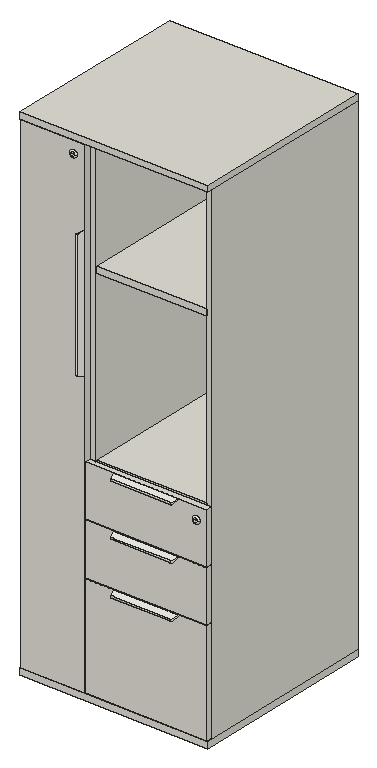
Revit family "Haworth_BeHold_PersonalStorageTower_FrontBookcase_24Wide", category Furniture Systems, Revit 2018
Family settings
  Round Connector Dimension = Use Diameter
  Part Type = Normal
  OmniClass Number = 23.40.70.14.64.21
  OmniClass Title = Systems Furniture
  Work Plane-Based = No
  Always vertical = Yes
  Cut with Voids When Loaded = No
  Shared = No
  Room Calculation Point = No
Parameters (values of type "B/B/F - 24d 65h - Inset Back")
  With Lock = yes
  Wing Pull Length = if(Drawer Width < 15 1/2", 6 1/2", if(Drawer Width < 24", 8 5/16", if(Drawer Width < 36", 13 1/8", 16 3/4")))  # 8 5/16"
  Wing Pull = yes
  Warranty = "http://www.haworth.com/resources/product-info/warranties"
  Valet Door Wing Pull Length = if(Actual Height < 49", 6 1/2", if(Actual Height < 57", 8 5/16", if(Actual Height < 65", 13 1/8", 16 3/4")))  # 16 3/4"
  Valet Door Width = Actual Width - Bookcase Width - 1/8"  # 8 15/64"
  Valet Door Pull Offset = if(Actual Height < 49", Storage Height - Bottom Drawer Offset + ((Actual Height - Storage Height - Top Thickness - 1/8") / 2) - (0.05 * (Actual Height - Storage Height - Top Thickness - 1/8")), Storage Height - Bottom Drawer Offset + ((Actual Height - Storage Height - Top Thickness - 1/8") / 2))  # 44 11/16"
  Valet Door Height = Actual Height - Bottom Drawer Offset - Case Thickness - 1/8"  # 62 3/4"
  URL - Product = "https://www.haworth.com/na/en/products/active-storage/be-hold.html"
  URL = "www.haworth.com"
  Trim Finish [instance] = Haworth _ Paint _ Smooth Plaster
  Total Drawer Height = Storage Height - Bottom Case Offset - Case Thickness - 1/4"  # 26 1/2"
  Top Thickness = 3/4"  # constant formula
  Top Drawer Height = if(Box Box File, Middle Drawer Height, Bottom Drawer Height)  # 6 9/16"
  Top Case Back Control = if(Proud Style, 0", 3/16")  # 3/16"
  Sustainability Info = "https://www.haworth.com/company-info/sustainability"
  Storage Height = 28"  # constant formula
  Standard Heights = "41, 49, 57, 65 in."  # constant formula
  Size = "Verify Final Dim. w/ Haworth"  # constant formula
  Side Case Back Control = if(Proud Style, Case Thickness, 0")  # 0"
  Shelf 2 Offset = if(Actual Height = 65", 49", if(Actual Height = 57", 41", 32 5/16"))  # 49"
  Shelf 2 Control = Actual Height > 41"  # yes
  Shelf 1 Offset = Storage Height - Bottom Case Offset - Case Thickness  # 26 3/4"
  Right Panel Finish [instance] = Haworth _ Laminate _ Beige H-34
  Right Panel Edge Finish [instance] = Haworth _ Laminate _ Beige H-34
  Revision Number = "1"  # constant formula
  Pull Finish [instance] = Haworth _ Paint _ Smooth Plaster
  Proud Style = not(Inset Style)  # no
  Model = "Haworth Be_Hold"  # constant formula
  Min. Width = 15"  # constant formula
  Min. Height = 41"  # constant formula
  Min. Depth = 18"  # constant formula
  Middle Drawer Height = (Total Drawer Height - Distance Between Drawer) / 4  # 6 9/16"
  Left Panel Finish [instance] = Haworth _ Laminate _ Beige H-34
  Left Panel Edge Finish [instance] = Haworth _ Laminate _ Beige H-34
  Height = 65"
  File File = no
  Door Finish [instance] = Haworth _ Laminate _ Beige H-34
  Bottom Drawer Offset = Bottom Case Offset + Case Thickness + 1/8"  # 1 3/8"
  Bottom Drawer Height = (Total Drawer Height - Distance Between Drawer) / 2  # 13 1/8"
  Bookcase Width = 15 41/64"  # constant formula
  Back Case Back Control = if(Proud Style, 0", 3/16")  # 3/16"
  Actual Height = if(Height > Max. Height, Max. Height, if(Height < Min. Height, Min. Height, Height))  # 65"
  3 Drawer Control = Box Box File  # yes
  Max. Width = 15"  # constant formula
  Max. Depth = 24"  # constant formula
  Max. Height = 65"  # constant formula
  Manufacturer = "Haworth"  # constant formula
  Linear Pull Length = 7 1/2"  # constant formula
  Linear Pull = no
  Inset Style = yes
  Glide Finish = Haworth _ Polymer _ Slate
  Front Finish [instance] = Haworth _ Laminate _ Beige H-34
  Front Edge Finish [instance] = Haworth _ Laminate _ Beige H-34
  Drawer Width = Bookcase Width - 1/8"  # 15 33/64"
  Distance Between Drawer = if(Box Box File, 1/4", 1/8")  # 1/4"
  Description = "Haworth - Be_Hold - Personal Storage Tower - Front Bookcase"  # constant formula
  Depth = 24"
  Custom Size = not(and(or(Depth = 18", Depth = 24"), or(Height = 41", Height = 49", Height = 57", Height = 65")))  # no
  Cresent Pull = no
  Classic Pull Length = 7 1/2"  # constant formula
  Classic Pull = no
  Case Thickness = 3/4"  # constant formula
  Case Finish [instance] = Haworth _ Laminate _ Beige H-34
  Case Edge Finish [instance] = Haworth _ Laminate _ Beige H-34
  Box Box File = not(File File)  # yes
  Bottom Case Offset = 1/2"  # constant formula
  Blade Pull Length = Drawer Width - 1/16"  # 15 29/64"
  Blade Pull = not(or(Cresent Pull, Linear Pull, Classic Pull, Wing Pull))  # no
  Back Case Side Control = if(Proud Style, 0", Case Thickness)  # 3/4"
  Author = "Haworth (Alias)"  # constant formula
  Assembly Code = "E2020200"
  Actual Width = 24"  # constant formula
  Actual Depth = if(Depth > Max. Depth, Max. Depth, if(Depth < Min. Depth, Min. Depth, Depth))  # 24"
  Standard Depths = "18, 24 in."  # constant formula
Types (8): name | Valet Door Wing Pull Length | Valet Door Pull Offset | Valet Door Height | Top Drawer Height | Top Case Back Control | Side Case Back Control | Shelf 2 Offset | Shelf 2 Control | Proud Style | Middle Drawer Height | Height | File File | Bottom Drawer Height | Back Case Back Control | Actual Height | 3 Drawer Control | Inset Style | Distance Between Drawer | Depth | Box Box File | Back Case Side Control | Actual Depth
  B/B/F - 24d 65h - Inset Back | 16 3/4" | 44 11/16" | 62 3/4" | 6 9/16" | 3/16" | 0" | 49" | yes | no | 6 9/16" | 65" | no | 13 1/8" | 3/16" | 65" | yes | yes | 1/4" | 24" | yes | 3/4" | 24"
  B/B/F - 24d 57h - Inset Back | 13 1/8" | 40 11/16" | 54 3/4" | 6 9/16" | 3/16" | 0" | 41" | yes | no | 6 9/16" | 57" | no | 13 1/8" | 3/16" | 57" | yes | yes | 1/4" | 24" | yes | 3/4" | 24"
  B/B/F - 18d 49h - Inset Back | 8 5/16" | 36 11/16" | 46 3/4" | 6 9/16" | 3/16" | 0" | 32 5/16" | yes | no | 6 9/16" | 49" | no | 13 1/8" | 3/16" | 49" | yes | yes | 1/4" | 18" | yes | 3/4" | 18"
  B/B/F - 18d 41h - Inset Back | 6 1/2" | 32.08125" | 38 3/4" | 6 9/16" | 3/16" | 0" | 32 5/16" | no | no | 6 9/16" | 41" | no | 13 1/8" | 3/16" | 41" | yes | yes | 1/4" | 18" | yes | 3/4" | 18"
  F/F - 24d 65h - Proud Back | 16 3/4" | 44 11/16" | 62 3/4" | 13 3/16" | 0" | 3/4" | 49" | yes | yes | 6 19/32" | 65" | yes | 13 3/16" | 0" | 65" | no | no | 1/8" | 24" | no | 0" | 24"
  F/F - 24d 57h - Proud Back | 13 1/8" | 40 11/16" | 54 3/4" | 13 3/16" | 0" | 3/4" | 41" | yes | yes | 6 19/32" | 57" | yes | 13 3/16" | 0" | 57" | no | no | 1/8" | 24" | no | 0" | 24"
  F/F - 18d 49h - Proud Back | 8 5/16" | 36 11/16" | 46 3/4" | 13 3/16" | 0" | 3/4" | 32 5/16" | yes | yes | 6 19/32" | 49" | yes | 13 3/16" | 0" | 49" | no | no | 1/8" | 18" | no | 0" | 18"
  F/F - 18d 41h - Proud Back | 6 1/2" | 32.08125" | 38 3/4" | 13 3/16" | 0" | 3/4" | 32 5/16" | no | yes | 6 19/32" | 41" | yes | 13 3/16" | 0" | 41" | no | no | 1/8" | 18" | no | 0" | 18"
Reference planes (in)
  plane 1: z = 0
  plane 2 "Drawer Center L/R": x = -6.49587
  plane 3 "Center F/B": y = -14.5
  plane 4 "Top": z = 65
  plane 5 "Back": y = -2.5
  plane 6 "Front": y = -26.5
  plane 7 "Left Drawer": x = -14.31618
  plane 8 "Drawer Case Inside Left": x = -13.56618
  plane 9 "Case Inside Right": x = 0.57444
  plane 10 "Case Inside Back": y = -3.25
  plane 11 "Case Bottom": z = 0.5
  plane 12 "Case Inside Front": y = -25.75
  plane 13 "Inside Case Bottom": z = 1.25
  plane 14 "Inside Case Top": z = 64.25
  plane 15 "Top of Top Drawer": z = 27.875
  plane 16 "Bottom of Bottom Drawer": z = 1.375
  plane 17 "Right": x = 1.32444
  plane 18 "Top of Storage": z = 28
  plane 19 "Shelf 1 Top": z = 28
  plane 20 "Shelf 1 Bottom": z = 27.25
  plane 21 "Shelf 2 Top": z = 50.25
  plane 22 "Shelf 2 Bottom": z = 49.5
  plane 23 "Left": x = -22.67556
  plane 24 "Center L/R": x = -10.67556
  plane 25 "Case Inside Left": x = -21.92556
  plane 26 "Valet Center L/R": x = -18.49587
Forms (in)
  Sweep 1, solid, material "Haworth _ Polymer _ Slate" <- "Glide Finish"
    path origin (-21.92556, 0, 0) x (0, 1, 0) y (0, 0, 1)
      loop
        line (-25.75, 0.5) -> (-25.75, 0)
    profile origin (-21.92556, -25.75, 0.25) x (1, 0, 0) y (0, 1, 0)
      loop
        line (-0.64062, 2.00197) -> (-0.64062, 0.25)
        arc (-0.64062, 0.25) -> (-0.5674, 0.07322) -> (-0.39062, 0) r 0.25
        line (-0.39062, 0) -> (1.36134, 0)
        arc (1.36134, 0) -> (1.53812, 0.07322) -> (1.61134, 0.25) r 0.25
        line (1.61134, 0.25) -> (1.61134, 0.70079) -> (0.06017, 2.25197) -> (-0.39062, 2.25197)
        arc (-0.39062, 2.25197) -> (-0.5674, 2.17875) -> (-0.64062, 2.00197) r 0.25
  Sweep 2, solid, material "Haworth _ Polymer _ Slate" <- "Glide Finish"
    path origin (-21.92556, 0, 0) x (0, 1, 0) y (0, 0, 1)
      loop
        line (-3.25, 0.5) -> (-3.25, 0)
    profile origin (-21.92556, -3.25, 0.25) x (1, 0, 0) y (0, 1, 0)
      loop
        arc (-0.64063, -2.00197) -> (-0.5674, -2.17875) -> (-0.39063, -2.25197) r 0.25
        line (-0.39063, -2.25197) -> (0.06017, -2.25197) -> (1.61134, -0.70079) -> (1.61134, -0.25)
        arc (1.61134, -0.25) -> (1.53812, -0.07322) -> (1.36134, 0) r 0.25
        line (1.36134, 0) -> (-0.39063, 0)
        arc (-0.39063, 0) -> (-0.5674, -0.07322) -> (-0.64063, -0.25) r 0.25
        line (-0.64063, -0.25) -> (-0.64063, -2.00197)
  Sweep 3, solid, material "Haworth _ Polymer _ Slate" <- "Glide Finish"
    path origin (0.57444, 0, 0) x (0, -1, 0) y (0, 0, 1)
      loop
        line (25.75, 0.5) -> (25.75, 0)
    profile origin (0.57444, -25.75, 0.25) x (-1, 0, 0) y (0, -1, 0)
      loop
        arc (0, -2.00197) -> (0.07322, -2.17875) -> (0.25, -2.25197) r 0.25
        line (0.25, -2.25197) -> (0.70079, -2.25197) -> (2.25197, -0.70079) -> (2.25197, -0.25)
        arc (2.25197, -0.25) -> (2.17875, -0.07322) -> (2.00197, 0) r 0.25
        line (2.00197, 0) -> (0.25, 0)
        arc (0.25, 0) -> (0.07322, -0.07322) -> (0, -0.25) r 0.25
        line (0, -0.25) -> (0, -2.00197)
  Sweep 4, solid, material "Haworth _ Polymer _ Slate" <- "Glide Finish"
    path origin (0.57444, 0, 0) x (0, -1, 0) y (0, 0, 1)
      loop
        line (3.25, 0.5) -> (3.25, 0)
    profile origin (0.57444, -3.25, 0.25) x (-1, 0, 0) y (0, -1, 0)
      loop
        line (0, 2.00197) -> (0, 0.25)
        arc (0, 0.25) -> (0.07322, 0.07322) -> (0.25, 0) r 0.25
        line (0.25, 0) -> (2.00197, 0)
        arc (2.00197, 0) -> (2.17875, 0.07322) -> (2.25197, 0.25) r 0.25
        line (2.25197, 0.25) -> (2.25197, 0.70079) -> (0.70079, 2.25197) -> (0.25, 2.25197)
        arc (0.25, 2.25197) -> (0.07322, 2.17875) -> (0, 2.00197) r 0.25
  Extrusion 5, solid, material "Haworth _ Laminate _ Beige H-34" <- "Case Finish"
    sketch origin (0, 0, 0) x (1, 0, 0) y (0, 1, 0)
      loop
        line (-22.67556, -2.5) -> (-22.67556, -26.5) -> (1.32444, -26.5) -> (1.32444, -2.5) -> (-22.67556, -2.5)
    from 0.5 to 1.25
  Sweep 6, solid, material "Haworth _ Laminate _ Beige H-34" <- "Case Finish"
    path origin (0, 0, 0.5) x (0, -1, 0) y (1, 0, 0)
      loop
        line (26.5, -14.31618) -> (26.5, -13.56618)
    profile origin (-13.94118, -26.5, 0.5) x (0, 1, 0) y (0, 0, 1)
      loop
        line (0.75, 63.75) -> (0.75, 0.75) -> (23.0625, 0.75) -> (23.0625, 63.75) -> (0.75, 63.75)
  Sweep 7, solid, material "Haworth _ Laminate _ Beige H-34" <- "Right Panel Finish"
    path origin (-12.35111, 0, 0.5) x (0, -1, 0) y (-1, 0, 0)
      loop
        line (26.5, -13.67556) -> (26.5, -12.92556)
    profile origin (0.94944, -26.5, 0.5) x (0, -1, 0) y (0, 0, 1)
      loop
        line (-0.75, 63.75) -> (-24, 63.75) -> (-24, 0.75) -> (-0.75, 0.75) -> (-0.75, 63.75)
  Sweep 8, solid, material "Haworth _ Laminate _ Beige H-34" <- "Case Finish"
    path origin (0, 0, 0.5) x (0, -1, 0) y (1, 0, 0)
      loop
        line (3.4375, -10.67556) -> (2.6875, -10.67556)
    profile origin (-10.67556, -3.0625, 0.5) x (-1, 0, 0) y (0, 0, 1)
      loop
        line (-11.25, 0.75) -> (11.25, 0.75) -> (11.25, 63.75) -> (-11.25, 63.75) -> (-11.25, 0.75)
  Extrusion 9, solid, material "Haworth _ Laminate _ Beige H-34" <- "Case Finish"
    sketch origin (0, 0, 0.5) x (0, -1, 0) y (1, 0, 0)
      loop
        line (2.5, -22.67556) -> (26.5, -22.67556) -> (26.5, 1.32444) -> (2.5, 1.32444) -> (2.5, -22.67556)
    from 63.75 to 64.5
  Extrusion 10, solid, material "Haworth _ Laminate _ Beige H-34" <- "Case Finish"
    sketch origin (0, 0, 0) x (1, 0, 0) y (0, 1, 0)
      loop
        line (-13.56618, -3.4375) -> (-13.56618, -25.75) -> (0.57444, -25.75) -> (0.57444, -3.4375) -> (-13.56618, -3.4375)
    from 27.25 to 28
  Extrusion 11, solid, material "Haworth _ Laminate _ Beige H-34" <- "Case Finish", visible <- "Shelf 2 Control"
    sketch origin (0, 0, 0) x (1, 0, 0) y (0, 1, 0)
      loop
        line (-13.56618, -3.4375) -> (-13.56618, -25.75) -> (0.57444, -25.75) -> (0.57444, -3.4375) -> (-13.56618, -3.4375)
    from 49.5 to 50.25
  Sweep 12, solid, material "Haworth _ Laminate _ Beige H-34" <- "Left Panel Finish"
    path origin (-9, 0, 0.5) x (0, -1, 0) y (1, 0, 0)
      loop
        line (26.5, -13.67556) -> (26.5, -12.92556)
    profile origin (-22.30056, -26.5, 0.5) x (0, 1, 0) y (0, 0, 1)
      loop
        line (0.75, 63.75) -> (0.75, 0.75) -> (24, 0.75) -> (24, 63.75) -> (0.75, 63.75)
Lines and regions (in)
  Masking region 1
    outline origin (0, 0, 64.25) x (0, -1, 0) y (1, 0, 0)
      loop
        line (2.5, -22.67556) -> (26.5, -22.67556) -> (26.5, 1.32444) -> (2.5, 1.32444) -> (2.5, -22.67556)
  symbolic lines, style "FurnitureSystemsHiddenLines", detail levels medium+fine
    curve 1: line (-22.67556, -25.75, 64.25) -> (1.32444, -25.75, 64.25)
  symbolic lines, detail levels medium+fine
    curve 2: line (-6.49587, -27.5, 0) -> (-6.49587, -35, 0)
    curve 3: line (-6.49587, -35, 0) -> (-5.08166, -33.58579, 0)
    curve 4: line (-6.49587, -35, 0) -> (-7.91008, -33.58579, 0)
Dimensions and locks (in)
  equal spacing: plane 5 "Back", plane 3 "Center F/B", plane 6 "Front"
  "Actual Depth": plane 5 "Back" to plane 6 "Front"
  "Case Thickness": plane 8 "Drawer Case Inside Left" to plane 7 "Left Drawer"
  "Bottom Case Offset": plane 11 "Case Bottom" to plane 1
  "Case Thickness": plane 10 "Case Inside Back" to plane 5 "Back"
  "Case Thickness": plane 6 "Front" to plane 12 "Case Inside Front"
  locked: Sweep 1 sketch curve to plane 11 "Case Bottom" at 0.5
  locked: Sweep 2 sketch curve to plane 11 "Case Bottom" at 0.5
  locked: Sweep 4 sketch curve to plane 11 "Case Bottom" at 0.5
  locked: Sweep 3 sketch curve to plane 11 "Case Bottom" at 0.5
  "Case Thickness": plane 13 "Inside Case Bottom" to plane 11 "Case Bottom"
  "Top Thickness": plane 4 "Top" to plane 14 "Inside Case Top"
  "Side Case Back Control": Sweep 7 sketch curve to plane 5 "Back"
  locked: plane 16 "Bottom of Bottom Drawer" to plane 13 "Inside Case Bottom" at 0.125
  locked: nested 2 to nested 1 at 0.125
  "Case Thickness": Sweep 8 sketch curve to Sweep 8 sketch curve
  "Back Case Back Control": plane 5 "Back" to Sweep 8 sketch curve
  equal spacing: plane 7 "Left Drawer", plane 2 "Drawer Center L/R", plane 17 "Right"
  "Case Thickness": plane 9 "Case Inside Right" to plane 17 "Right"
  locked: plane 18 "Top of Storage" to plane 15 "Top of Top Drawer" at 0.125
  "Storage Height": plane 18 "Top of Storage" to plane 1
  "Actual Height": plane 4 "Top" to plane 1
  "Back Case Side Control": Sweep 8 sketch curve to plane 17 "Right"
  "Case Thickness": plane 22 "Shelf 2 Bottom" to plane 21 "Shelf 2 Top"
  "Case Thickness": plane 20 "Shelf 1 Bottom" to plane 19 "Shelf 1 Top"
  "Shelf 2 Offset": plane 21 "Shelf 2 Top" to plane 13 "Inside Case Bottom"
  "Shelf 1 Offset": plane 19 "Shelf 1 Top" to plane 13 "Inside Case Bottom"
  "Top Case Back Control": Extrusion 10 sketch curve to plane 10 "Case Inside Back"
  "Top Case Back Control": Extrusion 11 sketch curve to plane 10 "Case Inside Back"
  equal spacing: plane 23 "Left", plane 24 "Center L/R", plane 17 "Right"
  "Case Thickness": plane 25 "Case Inside Left" to plane 23 "Left"
  "Side Case Back Control": Sweep 12 sketch curve to plane 5 "Back"
  "Back Case Back Control": Sweep 6 sketch curve to plane 10 "Case Inside Back"
  "Back Case Side Control": Sweep 8 sketch curve to plane 23 "Left"
  "Bookcase Width": plane 7 "Left Drawer" to plane 17 "Right"
  "Actual Width": plane 23 "Left" to plane 17 "Right"
  equal spacing: plane 23 "Left", plane 26 "Valet Center L/R", plane 7 "Left Drawer"
  aligned and locked: Sweep 1 sketch curve to plane 12 "Case Inside Front"
  aligned and locked: plane 11 "Case Bottom" to Sweep 1 sketch curve
  aligned and locked: plane 10 "Case Inside Back" to Sweep 2 sketch curve
  aligned and locked: plane 11 "Case Bottom" to Sweep 2 sketch curve
  aligned and locked: plane 10 "Case Inside Back" to Sweep 4 sketch curve
  aligned and locked: plane 11 "Case Bottom" to Sweep 4 sketch curve
  aligned and locked: Sweep 3 sketch curve to plane 12 "Case Inside Front"
  aligned and locked: plane 11 "Case Bottom" to Sweep 3 sketch curve
  aligned and locked: Extrusion 5 sketch curve to plane 5 "Back"
  aligned and locked: plane 6 "Front" to Extrusion 5 sketch curve
  aligned and locked: plane 11 "Case Bottom" to Extrusion 5
  aligned and locked: plane 13 "Inside Case Bottom" to Extrusion 5
  aligned and locked: plane 7 "Left Drawer" to Sweep 6 sketch curve
  aligned and locked: plane 8 "Drawer Case Inside Left" to Sweep 6 sketch curve
  aligned and locked: Sweep 6 sketch curve to plane 6 "Front"
  aligned and locked: plane 13 "Inside Case Bottom" to Sweep 6 sketch curve
  aligned and locked: plane 6 "Front" to Sweep 7 sketch curve
  aligned and locked: plane 9 "Case Inside Right" to Sweep 7 sketch curve
  aligned and locked: plane 13 "Inside Case Bottom" to Sweep 7 sketch curve
  aligned and locked: Sweep 8 sketch curve to plane 13 "Inside Case Bottom"
  aligned and locked: plane 4 "Top" to Extrusion 9
  aligned and locked: plane 14 "Inside Case Top" to Extrusion 9
  aligned and locked: Masking region 1 sketch curve to plane 5 "Back"
  aligned and locked: plane 6 "Front" to Masking region 1 sketch curve
  aligned and locked: curve 1 to plane 12 "Case Inside Front"
  aligned and locked: plane 12 "Case Inside Front" to Sweep 7 sketch curve
  aligned and locked: plane 12 "Case Inside Front" to Sweep 6 sketch curve
  aligned and locked: nested 3 to plane 15 "Top of Top Drawer"
  aligned and locked: plane 6 "Front" to nested 1
  aligned and locked: plane 6 "Front" to nested 2
  aligned and locked: plane 6 "Front" to nested 3
  aligned and locked: plane 2 "Drawer Center L/R" to nested 3
  aligned and locked: plane 2 "Drawer Center L/R" to nested 2
  aligned and locked: plane 2 "Drawer Center L/R" to nested 1
  aligned and locked: plane 17 "Right" to Sweep 7 sketch curve
  aligned and locked: plane 14 "Inside Case Top" to Sweep 7 sketch curve
  aligned and locked: plane 14 "Inside Case Top" to Sweep 6 sketch curve
  aligned and locked: plane 6 "Front" to Extrusion 9 sketch curve
  aligned and locked: plane 17 "Right" to Extrusion 9 sketch curve
  aligned and locked: Extrusion 9 sketch curve to plane 5 "Back"
  aligned and locked: plane 14 "Inside Case Top" to Sweep 8 sketch curve
  aligned and locked: plane 9 "Case Inside Right" to Extrusion 10 sketch curve
  aligned and locked: plane 12 "Case Inside Front" to Extrusion 10 sketch curve
  aligned and locked: plane 8 "Drawer Case Inside Left" to Extrusion 10 sketch curve
  aligned and locked: plane 20 "Shelf 1 Bottom" to Extrusion 10
  aligned and locked: plane 19 "Shelf 1 Top" to Extrusion 10
  aligned and locked: plane 9 "Case Inside Right" to Extrusion 11 sketch curve
  aligned and locked: plane 8 "Drawer Case Inside Left" to Extrusion 11 sketch curve
  aligned and locked: plane 12 "Case Inside Front" to Extrusion 11 sketch curve
  aligned and locked: plane 21 "Shelf 2 Top" to Extrusion 11
  aligned and locked: plane 22 "Shelf 2 Bottom" to Extrusion 11
  aligned and locked: plane 23 "Left" to Sweep 12 sketch curve
  aligned and locked: plane 25 "Case Inside Left" to Sweep 12 sketch curve
  aligned and locked: Sweep 12 sketch curve to plane 6 "Front"
  aligned and locked: plane 14 "Inside Case Top" to Sweep 12 sketch curve
  aligned and locked: plane 13 "Inside Case Bottom" to Sweep 12 sketch curve
  aligned and locked: plane 12 "Case Inside Front" to Sweep 12 sketch curve
  aligned and locked: plane 24 "Center L/R" to Sweep 8 sketch curve
  aligned and locked: Extrusion 9 sketch curve to plane 23 "Left"
  aligned and locked: plane 17 "Right" to Extrusion 5 sketch curve
  aligned and locked: Extrusion 5 sketch curve to plane 23 "Left"
  aligned and locked: nested 4 to plane 16 "Bottom of Bottom Drawer"
  aligned and locked: nested 4 to plane 6 "Front"
  aligned and locked: Masking region 1 sketch curve to plane 23 "Left"
  aligned and locked: plane 17 "Right" to Masking region 1 sketch curve
  aligned and locked: plane 26 "Valet Center L/R" to nested 4
Automatic sketch dimensions
  Sweep 1 sketch curve to plane 8 "Drawer Case Inside Left" = 9"
  profile plane to Sweep 1 sketch curve = 0"
  Sweep 1 sketch curve to Sweep 1 sketch curve = 1/4"  (x2)
  Sweep 1 sketch curve to Sweep 1 sketch curve = 0.45079"  (x2)
  Sweep 1 sketch curve to profile plane = 1/4"
  Sweep 1 sketch curve to Sweep 1 sketch curve = 1.75197"  (x2)
  Sweep 2 sketch curve to plane 8 "Drawer Case Inside Left" = 9"
  profile plane to Sweep 2 sketch curve = 0"
  Sweep 2 sketch curve to Sweep 2 sketch curve = 1/4"  (x2)
  Sweep 2 sketch curve to Sweep 2 sketch curve = 0.45079"  (x2)
  profile plane to Sweep 2 sketch curve = 1/4"
  Sweep 2 sketch curve to Sweep 2 sketch curve = 1.75197"  (x2)
  Sweep 3 sketch curve to plane 9 "Case Inside Right" = 0"
  Sweep 3 sketch curve to profile plane = 0"
  plane 9 "Case Inside Right" to Sweep 3 sketch curve = 1/4"  (x2)
  Sweep 3 sketch curve to Sweep 3 sketch curve = 0.45079"  (x2)
  profile plane to Sweep 3 sketch curve = 1/4"
  Sweep 3 sketch curve to Sweep 3 sketch curve = 1.75197"  (x2)
  Sweep 4 sketch curve to plane 9 "Case Inside Right" = 0"
  Sweep 4 sketch curve to profile plane = 0"
  plane 9 "Case Inside Right" to Sweep 4 sketch curve = 1/4"  (x2)
  Sweep 4 sketch curve to Sweep 4 sketch curve = 0.45079"  (x2)
  Sweep 4 sketch curve to profile plane = 1/4"
  Sweep 4 sketch curve to Sweep 4 sketch curve = 1.75197"  (x2)
  curve 1 to plane 23 "Left" = 0"
  curve 1 to plane 17 "Right" = 0"
  curve 2 to plane 2 "Drawer Center L/R" = 0"
  curve 4 to plane 2 "Drawer Center L/R" = 1.41421"
  curve 2 to curve 4 = 1.41421"
  curve 2 to curve 3 = 1.41421"
  curve 2 to plane 6 "Front" = 8 1/2"
  curve 2 to plane 6 "Front" = 1"
Nested families (in)
  nested 1: "Haworth_BeHold_Drawer_PART" at (-6.49587, -25.36287, 1.375), Drawer Height <- "Bottom Drawer Height", built-in parameter 1001364 <- "Bottom Drawer Offset", type "Haworth_Drawer - Without Lock"
    with Pull Height 13 1/8", Drawer Height 13 1/8", With Lock no, Wing Pull Length 8 5/16", Drawer Width 15 33/64", Classic Pull Length 7 1/2", Blade Pull Length 15 29/64", Linear Pull Length 7 1/2"
  nested 2: "Haworth_BeHold_Drawer_PART" at (-6.49587, -25.36287, 14.625), Drawer Height <- "Middle Drawer Height", visible <- "3 Drawer Control", type "Haworth_Drawer - Without Lock"
    with Pull Height 6 9/16", Drawer Height 6 9/16", With Lock no, Wing Pull Length 8 5/16", Drawer Width 15 33/64", Classic Pull Length 7 1/2", Blade Pull Length 15 29/64", Linear Pull Length 7 1/2"
  nested 3: "Haworth_BeHold_Drawer_PART" at (-6.49587, -25.36287, 21.3125), Drawer Height <- "Top Drawer Height", type "Haworth_Drawer"
    with Pull Height 6 9/16", Drawer Height 6 9/16", Wing Pull Length 8 5/16", Drawer Width 15 33/64", Classic Pull Length 7 1/2", Blade Pull Length 15 29/64", Linear Pull Length 7 1/2"
  nested 4: "Haworth_BeHold_Door_Hinged_PART" at (-17.31567, -26.09476, 1.375) x (-1, 0, 0) z (0, 0, 1), With Lock <- "With Lock", type "Door"
    with With Lock yes, Wing Pull Length 16 3/4", Linear Pull Length 7 1/2", Classic Pull Length 7 1/2", Pull Height Centerline 44 11/16", Door Width 8 15/64", Door Height 62 3/4"
Definition of nested family "Haworth_BeHold_Drawer_PART"
  Parameters (values of type "Haworth_Drawer")
    With Lock = yes
    Wing Pull Length = 6 1/2"
    Wing Pull = yes
    Warranty = "http://www.haworth.com/resources/product-info/warranties"
    URL - Product = ""
    URL = "www.haworth.com"
    Trim Finish = none
    Revision Number = "1"  # constant formula
    Pull Height [instance] = if(or(Wing Pull, Blade Pull), Drawer Height, Drawer Height - 1 21/32")  # 12"
    Pull Finish = none
    Note = "Verify Final Dim. w/ Haworth"  # constant formula
    Model = "Haworth Be_Hold"  # constant formula
    Manufacturer = "Haworth"  # constant formula
    Lock Offset Top = 1 21/32"  # constant formula
    Lock Offset Side = 1 3/8"  # constant formula
    Linear Pull = no
    Front Finish = none
    Front Edge Finish = none
    Drawer Width = 15 1/2"
    Drawer Height [instance] = 12"
    Description = "Haworth - Be_Hold - Drawer"
    Cresent Pull = no
    Classic Pull Length = 6 3/4"
    Classic Pull = no
    Blade Pull Length = 15 7/16"
    Blade Pull = no
    Linear Pull Length = 8"
    Author = "Haworth (Alias)"  # constant formula
    Assembly Code = ""
  Reference planes (in)
    plane 1 "Drawer Back": y = -0.26213
    plane 2: z = 0
    plane 3 "Center L/R": x = 0
    plane 4 "Drawer Front": y = -1.13713
    plane 5 "Left": x = -7.75
    plane 6 "Right": x = 7.75
    plane 7 "Top": z = 12
    plane 8 "Hardware Start": y = -0.38713
    plane 9 "Lock Side": x = 6.375
    plane 10 "Lock Horizontal": z = 10.34375
  Forms (in)
    Extrusion 1, solid, material <- "Front Finish"
      sketch origin (0, -1.13713, 0) x (-1, 0, 0) y (0, 0, 1)
        loop
          line (-7.75, 12) -> (-7.75, 0) -> (7.75, 0) -> (7.75, 12) -> (-7.75, 12)
      from 0 to 0.75
    Revolve 2, solid, material <- "Trim Finish", visible <- "With Lock"
      sketch origin (0, 0, 10.34375) x (-1, 0, 0) y (0, -1, 0)
        loop
          line (-6.375, 1.13713) -> (-6.375, 1.2621) -> (-6.68756, 1.2621)
          arc (-6.68756, 1.2621) -> (-6.77593, 1.2255) -> (-6.81253, 1.13713) r 0.12497
          line (-6.81253, 1.13713) -> (-6.375, 1.13713)
        axis (-6.375, 1.13713) -> (-6.375, 1.2621)
      angle from 0 to 360
  Lines and regions (in)
    Masking region 1
      outline origin (0, 0, 10.34375) x (-1, 0, 0) y (0, -1, 0)
        loop
          line (7.75, 0.38713) -> (7.75, 1.13713) -> (-7.75, 1.13713) -> (-7.75, 0.38713) -> (7.75, 0.38713)
  Dimensions and locks (in)
    equal spacing: plane 5 "Left", plane 3 "Center L/R", plane 6 "Right"
    "Drawer Width": plane 5 "Left" to plane 6 "Right"
    "Drawer Height": plane 7 "Top" to level
    locked: plane 1 "Drawer Back" to plane 8 "Hardware Start" at 0.125
    plane 4 "Drawer Front" to plane 1 "Drawer Back" = 7/8"
    plane 4 "Drawer Front" to plane 8 "Hardware Start" = 3/4"
    "Lock Offset Side": plane 9 "Lock Side" to plane 6 "Right"
    "Lock Offset Top": plane 7 "Top" to plane 10 "Lock Horizontal"
    locked: Revolve 2 sketch curve to plane 4 "Drawer Front" at 0.12497
    locked: plane 9 "Lock Side" to Revolve 2 sketch curve at 0.43753
    aligned and locked: Extrusion 1 sketch curve to plane 6 "Right"
    aligned and locked: plane 7 "Top" to Extrusion 1 sketch curve
    aligned and locked: Extrusion 1 sketch curve to plane 5 "Left"
    aligned and locked: Extrusion 1 sketch curve to plane 2
    aligned and locked: Extrusion 1 to plane 8 "Hardware Start"
    aligned and locked: Extrusion 1 to plane 4 "Drawer Front"
    aligned and locked: plane 9 "Lock Side" to Revolve 2 sketch curve  (x2)
    aligned and locked: Revolve 2 sketch curve to plane 4 "Drawer Front"
    aligned and locked: plane 3 "Center L/R" to nested 1
    aligned and locked: nested 1 to plane 4 "Drawer Front"
    aligned and locked: plane 6 "Right" to Masking region 1 sketch curve
    aligned and locked: plane 8 "Hardware Start" to Masking region 1 sketch curve
    aligned and locked: plane 4 "Drawer Front" to Masking region 1 sketch curve
    aligned and locked: plane 5 "Left" to Masking region 1 sketch curve
  Automatic sketch dimensions
    plane 8 "Hardware Start" to Revolve 2 sketch curve = 0.19925"
    Revolve 2 sketch curve to Revolve 2 sketch curve = 0.41501"
  Nested families (in)
    nested 1: "Haworth_Drawer-Pulls_PART" at (0, -1.13713, 12), built-in parameter 1001364 <- "Pull Height", type "Pull"
      with Wing yes, Linear no
  Definition of nested family "Haworth_Drawer-Pulls_PART"
    Parameters (values of type "Pull")
      Wing Pull Length = 6 1/2"
      Wing = no
      Warranty = "https://www.haworth.com/resources/product-info/warranties"
      URL = "https://www.haworth.com"
      Trim Finish = none
      Revision Number = "1"  # constant formula
      Model = "Haworth Be_Hold"  # constant formula
      Manufacturer = "Haworth"  # constant formula
      Linear Pull Length = 8"
      Linear = yes
      Description = "Haworth - Be_Hold - Pull Part"
      Cresent = no
      Classic Pull Length = 6 3/4"
      Classic = no
      Blade Pull Length = 15 7/16"
      Blade = no
      Author = "Haworth (Alias)"  # constant formula
      Assembly Code = ""
    Reference planes (in)
      plane 1 "Center Front/Back": y = 0
      plane 2: z = 0
      plane 3 "Center Left/Right": x = 0
      plane 4 "Classic Left": x = -3.375
      plane 5 "Classic Right": x = 3.375
      plane 6 "Linear Left": x = -4
      plane 7 "Linear Right": x = 4
      plane 8 "Wing Right": x = 3.25001
      plane 9 "Wing Left": x = -3.25001
      plane 10 "Blade Left": x = -7.71875
      plane 11 "Blade Right": x = 7.71875
    Forms (in)
      Extrusion 1, solid, material <- "Trim Finish", visible <- "Linear"
        sketch origin (0, 0, 0.125) x (1, 0, 0) y (0, 1, 0)
          loop
            line (-4, 0) -> (-4, -1.25) -> (4, -1.25) -> (4, 0) -> (3, 0) -> (3, -1) -> (-3, -1) -> (-3, 0) -> (-4, 0)
        from 0 to -0.25
      Extrusion 2, solid, material <- "Trim Finish", visible <- "Classic"
        sketch origin (0, 0, 0.375) x (1, 0, 0) y (0, 0, 1)
          loop
            line (-3.375, 0) -> (-3.375, -0.75)
            arc (-3.375, -0.75) -> (-3, -0.375) -> (-3.375, 0) r 0.375
        from 0 to 1
      Extrusion 3, solid, material <- "Trim Finish", visible <- "Classic"
        sketch origin (0, 0, 0.375) x (-1, 0, 0) y (0, 0, -1)
          loop
            arc (-3.375, 0.00132) -> (-3.00132, 0.375) -> (-3.375, 0.74868) r 0.37368
            line (-3.375, 0.74868) -> (-3.375, 0.00132)
        from 0 to 1
      Extrusion 4, solid, material <- "Trim Finish", visible <- "Classic"
        sketch origin (0, 0, 0.375) x (1, 0, 0) y (0, 0, 1)
          loop
            line (-3.375, 0) -> (-3.375, -0.75) -> (3.375, -0.75) -> (3.375, 0) -> (-3.375, 0)
        from 1 to 1.25
      Sweep 5, solid, material <- "Trim Finish", visible <- "Cresent"
        path origin (0, 0, 0) x (1, 0, 0) y (0, 1, 0)
          loop
            arc (-3.75002, 0) -> (-0.00002, -1.25) -> (3.74998, 0) r 6.25
        profile origin (-0.00002, -1.25, 0) x (0, 1, 0) y (0, 0, 1)
          loop
            circle (0.125, 0) r 0.125
      Sweep 6, solid, material <- "Trim Finish", visible <- "Wing"
        path origin (0, 0, 0) x (1, 0, 0) y (0, 1, 0)
          loop
            line (3.25001, 0) -> (-3.25001, 0)
        profile origin (0, 0, 0) x (0, -1, 0) y (0, 0, 1)
          loop
            line (0, -0.055) -> (0.7144, -0.45418)
            arc (0.7144, -0.45418) -> (0.85453, -0.40762) -> (0.79557, -0.27225) r 0.10001
            line (0.79557, -0.27225) -> (0, 0) -> (0, -0.055)
      Extrusion 7, void
        sketch origin (0, 0, 0) x (1, 0, 0) y (0, 1, 0)
          loop
            line (-3.25001, 0) -> (-3.25001, -0.92709) -> (-2.91255, -0.92709) -> (-3.25001, 0)
          loop
            line (3.25001, 0) -> (2.91255, -0.92709) -> (3.25001, -0.92709) -> (3.25001, 0)
        from -1 to 0.5
      Sweep 8, solid, material <- "Trim Finish", visible <- "Blade"
        path origin (0, 0, 0) x (1, 0, 0) y (0, 0, 1)
          loop
            line (0, 0) -> (0, 0.09375)
        profile origin (0, 0, 0.04687) x (-1, 0, 0) y (0, -1, 0)
          loop
            line (7.71875, -0.75) -> (7.71875, 0.40579)
            arc (7.71875, 0.40579) -> (7.682, 0.4945) -> (7.59329, 0.53125) r 0.12546
            line (7.59329, 0.53125) -> (-7.59361, 0.53125)
            arc (-7.59361, 0.53125) -> (-7.6821, 0.4946) -> (-7.71875, 0.40611) r 0.12514
            line (-7.71875, 0.40611) -> (-7.71875, -0.75) -> (7.71875, -0.75)
    Cuts and joins
      Extrusion 7 cuts Extrusion 4
      joined: Extrusion 2, Extrusion 3, Extrusion 4
      Extrusion 7 cuts Sweep 6
    Lines and regions (in)
      symbolic lines, detail levels fine
        curve 1: line (-4, 0, 0) -> (4, 0, 0)
    Dimensions and locks (in)
      equal spacing: plane 4 "Classic Left", plane 3 "Center Left/Right", plane 5 "Classic Right"
      "Classic Pull Length": plane 4 "Classic Left" to plane 5 "Classic Right"
      locked: Extrusion 1 sketch curve to Extrusion 1 sketch curve at 1  (x2)
      equal spacing: plane 6 "Linear Left", plane 3 "Center Left/Right", plane 7 "Linear Right"
      "Linear Pull Length": plane 6 "Linear Left" to plane 7 "Linear Right"
      locked: profile plane to Sweep 5 sketch curve at 0.125
      locked: plane 9 "Wing Left" to Extrusion 7 sketch curve at 0.33745
      locked: Extrusion 7 sketch curve to plane 1 "Center Front/Back" at 0.92709
      locked: plane 1 "Center Front/Back" to Extrusion 7 sketch curve at 0.92709
      Extrusion 7 sketch curve to plane 8 "Wing Right" = 0.33745"
      equal spacing: plane 11 "Blade Right", plane 3 "Center Left/Right", plane 10 "Blade Left"
      "Blade Pull Length": plane 11 "Blade Right" to plane 10 "Blade Left"
      locked: Sweep 8 sketch curve to plane 2 at 0.09375
      locked: Sweep 8 sketch curve to plane 1 "Center Front/Back" at 0.75
      locked: Sweep 8 sketch curve to plane 1 "Center Front/Back" at 0.53125
      equal spacing: plane 8 "Wing Right", plane 3 "Center Left/Right", plane 9 "Wing Left"
      "Wing Pull Length": plane 8 "Wing Right" to plane 9 "Wing Left"
      aligned and locked: plane 4 "Classic Left" to Extrusion 4 sketch curve
      aligned and locked: plane 5 "Classic Right" to Extrusion 4 sketch curve
      aligned and locked: plane 5 "Classic Right" to Extrusion 3 sketch curve
      aligned and locked: Extrusion 2 sketch curve to plane 4 "Classic Left"
      aligned and locked: Extrusion 1 sketch curve to plane 7 "Linear Right"
      aligned and locked: Extrusion 1 sketch curve to plane 6 "Linear Left"
      aligned and locked: plane 2 to Sweep 5 sketch curve
      aligned and locked: profile plane to plane 2
      aligned and locked: Sweep 6 sketch curve to plane 1 "Center Front/Back"
      aligned and locked: plane 8 "Wing Right" to Sweep 6 sketch curve
      aligned and locked: plane 9 "Wing Left" to Sweep 6 sketch curve
      aligned and locked: Extrusion 7 sketch curve to plane 9 "Wing Left"
      aligned and locked: Extrusion 7 sketch curve to plane 8 "Wing Right"
      aligned and locked: plane 2 to Sweep 8 sketch curve
      aligned and locked: Sweep 8 sketch curve to plane 10 "Blade Left"
      aligned and locked: Sweep 8 sketch curve to plane 11 "Blade Right"
      aligned and locked: plane 1 "Center Front/Back" to curve 1
      aligned and locked: plane 7 "Linear Right" to curve 1
      aligned and locked: plane 6 "Linear Left" to curve 1
    Automatic sketch dimensions
      Extrusion 2 sketch curve to level = 0"
      Extrusion 2 sketch curve to level = 3/8"
      Extrusion 3 sketch curve to level = 0"
      level to Extrusion 3 sketch curve = 0.37368"
      Extrusion 4 sketch curve to level = 3/8"
      level to Extrusion 4 sketch curve = 3/8"
      plane 1 "Center Front/Back" to Extrusion 1 sketch curve = 0"  (x2)
      plane 1 "Center Front/Back" to Extrusion 1 sketch curve = 1"
      Extrusion 1 sketch curve to Extrusion 1 sketch curve = 1/4"
      plane 1 "Center Front/Back" to Sweep 5 sketch curve = 0"  (x2)
      Sweep 5 sketch curve to plane 3 "Center Left/Right" = 0.00002"
      Sweep 5 sketch curve to plane 1 "Center Front/Back" = 5"
      Sweep 5 sketch curve to plane 6 "Linear Left" = 0.24998"
      Sweep 6 sketch curve to profile plane = 0"
      Sweep 6 sketch curve to profile plane = 0.7144"
      Sweep 6 sketch curve to Sweep 6 sketch curve = 0.04879"
      Sweep 6 sketch curve to Sweep 6 sketch curve = 0.03238"
      Sweep 6 sketch curve to level = 0.45418"
      Sweep 6 sketch curve to Sweep 6 sketch curve = 0.08731"
      Sweep 6 sketch curve to Sweep 6 sketch curve = 0.27225"
      Sweep 6 sketch curve to Sweep 6 sketch curve = 0.055"
      plane 1 "Center Front/Back" to Extrusion 7 sketch curve = 0"  (x2)
      Sweep 8 sketch curve to plane 3 "Center Left/Right" = 0"
      Sweep 8 sketch curve to Sweep 8 sketch curve = 0.12514"
      Sweep 8 sketch curve to Sweep 8 sketch curve = 0.12546"
      radius of Sweep 5 sketch curve = 1/8"
Definition of nested family "Haworth_BeHold_Door_Hinged_PART"
  Parameters (values of type "Door")
    With Lock [instance] = yes
    Wing Pull Length = 8.31"
    Wing Pull Act = and(Wing Pull, not(Touch Latch))  # yes
    Wing Pull = yes
    Warranty = "https://www.haworth.com/resources/product-info/warranties"
    URL - Product = ""
    URL = "www.haworth.com"
    Trim Finish = none
    Touch Latch = no
    Revision Number = "1"  # constant formula
    Pull Finish = none
    Note = "Verify Final Dim. w/ Haworth"  # constant formula
    Model = "Haworth Be_Hold"  # constant formula
    Lock Top Offset = 1.445"  # constant formula
    Lock Side Offset = 1 1/2"  # constant formula
    Linear Pull Length = 7.13"
    Linear Pull Act = and(Linear Pull, not(Touch Latch))  # no
    Linear Pull = no
    Front Finish = none
    Front Edge Finish = none
    Description = "Haworth - Be_Hold - Door Part"
    Crescent Pull Act = and(Crescent Pull, not(Touch Latch))  # no
    Crescent Pull = no
    Classic Pull Length = 8"
    Classic Pull = no
    Classic Pull Act = and(Classic Pull, not(Touch Latch))  # no
    Assembly Code = ""
    Pull Offset Centerline = if(Wing Pull Act, 0", 1 1/2")  # 0"
    Pull Height Centerline = 8.892"
    Door Width = 17.85"
    Door Height = 19.76"
    Door Depth = 3/4"
    Manufacturer = "Haworth"  # constant formula
    Author = "Haworth (Alias)"  # constant formula
  Reference planes (in)
    plane 1 "Center F/B": y = -0.03024
    plane 2: z = 0
    plane 3 "Center L/R": x = 1.1802
    plane 4 "Left": x = -7.7448
    plane 5 "Right": x = 10.1052
    plane 6 "Back": y = 0.34476
    plane 7 "Front": y = -0.40524
    plane 8 "Top": z = 19.76
    plane 9 "Pull Offset": x = -7.7448
    plane 10 "Pull Height": z = 8.892
    plane 11 "Lock Vertical": x = -6.2998
    plane 12 "Lock Horizontal": z = 18.315
    plane 13 "Swing Symbol": y = -3.40524
  Forms (in)
    Extrusion 1, solid, material <- "Front Finish"
      sketch origin (0, -0.03024, 0) x (1, 0, 0) y (0, 0, 1)
        loop
          line (-7.7448, 19.76) -> (-7.7448, 0) -> (10.1052, 0) -> (10.1052, 19.76) -> (-7.7448, 19.76)
      from -0.375 to 0.375
    Revolve 2, solid, material <- "Trim Finish", visible <- "With Lock"
      sketch origin (0, 0, 18.315) x (0, -1, 0) y (1, 0, 0)
        loop
          line (0.40524, -6.2998) -> (0.53025, -6.2998) -> (0.53025, -5.98733)
          arc (0.53025, -5.98733) -> (0.49364, -5.89891) -> (0.40524, -5.86227) r 0.12506
          line (0.40524, -5.86227) -> (0.40524, -6.2998)
        axis (0.40524, -6.2998) -> (0.53025, -6.2998)
      angle from 0 to 360
  Lines and regions (in)
    Masking region 1
      outline origin (0, 0, 0) x (1, 0, 0) y (0, 1, 0)
        loop
          line (-7.7448, 0.34476) -> (-7.7448, -0.40524) -> (10.1052, -0.40524) -> (10.1052, 0.34476) -> (-7.7448, 0.34476)
    symbolic lines, detail levels fine
      curve 1: line (-7.7448, -0.40524, 19.76) -> (10.1052, -0.40524, 9.88)
      curve 2: line (10.1052, -0.40524, 9.88) -> (-7.7448, -0.40524, 0)
    symbolic lines, not visible, detail levels fine
      curve 3: arc (-7.7448, -0.40524, 18.315) -> (-7.68121, -1.9106, 18.315) -> (-7.49089, -3.40524, 18.315) r 17.85
    symbolic lines, detail levels medium+fine
      curve 4: line (10.1052, -0.40524, 18.315) -> (-7.49089, -3.40524, 18.315)
  Dimensions and locks (in)
    "Door Height": plane 8 "Top" to level
    equal spacing: plane 6 "Back", plane 1 "Center F/B", plane 7 "Front"
    "Door Depth": plane 6 "Back" to plane 7 "Front"
    equal spacing: plane 4 "Left", plane 3 "Center L/R", plane 5 "Right"
    "Door Width": plane 4 "Left" to plane 5 "Right"
    "Pull Offset Centerline": plane 9 "Pull Offset" to plane 4 "Left"
    "Pull Height Centerline": plane 10 "Pull Height" to level
    equal spacing: plane 8 "Top", curve 2, plane 2
    "Lock Top Offset": plane 4 "Left" to plane 11 "Lock Vertical"
    locked: Revolve 2 sketch curve to plane 7 "Front" at 0.12502
    locked: plane 11 "Lock Vertical" to Revolve 2 sketch curve at 0.43753
    "Lock Top Offset": plane 8 "Top" to plane 12 "Lock Horizontal"
    locked: plane 13 "Swing Symbol" to plane 7 "Front" at 3
    "Door Width": radius of curve 3
    aligned and locked: plane 4 "Left" to Extrusion 1 sketch curve
    aligned and locked: Extrusion 1 sketch curve to plane 5 "Right"
    aligned and locked: Extrusion 1 sketch curve to plane 8 "Top"
    aligned and locked: level to Extrusion 1 sketch curve
    aligned and locked: plane 6 "Back" to Extrusion 1
    aligned and locked: Extrusion 1 to plane 7 "Front"
    aligned and locked: Extrusion 1 to plane 4 "Left"
    aligned and locked: plane 9 "Pull Offset" to nested 1
    aligned and locked: plane 10 "Pull Height" to nested 1
    aligned and locked: nested 1 to plane 7 "Front"
    aligned and locked: plane 11 "Lock Vertical" to Revolve 2 sketch curve  (x2)
    aligned and locked: plane 7 "Front" to Revolve 2 sketch curve
    aligned and locked: plane 5 "Right" to curve 3
    aligned and locked: plane 7 "Front" to curve 3
    aligned and locked: plane 5 "Right" to curve 4
    aligned and locked: plane 13 "Swing Symbol" to curve 4
  Automatic sketch dimensions
    Masking region 1 sketch curve to plane 5 "Right" = 0"
    curve 1 to plane 5 "Right" = 0"
    curve 1 to plane 4 "Left" = 0"
    curve 2 to level = 0"
    curve 2 to plane 4 "Left" = 0"
    curve 1 to plane 8 "Top" = 0"
    Masking region 1 sketch curve to plane 4 "Left" = 0"
    Masking region 1 sketch curve to plane 7 "Front" = 0"
    Masking region 1 sketch curve to plane 6 "Back" = 0"
    plane 7 "Front" to Revolve 2 sketch curve = 0.00004"
    plane 6 "Back" to Revolve 2 sketch curve = 3/4"
    Revolve 2 sketch curve to Revolve 2 sketch curve = 1 5/8"
    curve 4 to plane 7 "Front" = 0"
  Nested families (in)
    nested 1: "Haworth_DoorHinged-Pulls_PART" at (-6.46165, -0.375, 8.892), type "Pull"
      with Wing yes, Classic no
  Definition of nested family "Haworth_DoorHinged-Pulls_PART"
    Parameters (values of type "Pull")
      Working Distance = 0"  # constant formula
      Wing Pull Length = 8.31"
      Wing = no
      Warranty = "https://www.haworth.com/resources/product-info/warranties"
      URL - Product = ""
      URL = "www.haworth.com"
      Trim Finish = none
      Revision Number = "1"  # constant formula
      Model = "Haworth Be_Hold"  # constant formula
      Manufacturer = "Haworth"  # constant formula
      Linear Pull Length = 7.13"
      Linear = no
      Description = "Haworth - Be_Hold - Door Pulls"
      Cresent = no
      Classic Pull Length = 8"
      Classic = yes
      Author = "Haworth (Alias)"  # constant formula
      Assembly Code = ""
    Reference planes (in)
      plane 1 "Center F/B": y = -0.03024
      plane 2 "Center": z = 0
      plane 3 "Center L/R": x = -1.28314
      plane 4 "Right": x = -0.78314
      plane 5 "Left": x = -1.78314
      plane 6 "cresent": x = -1.28314
      plane 7 "classic": x = -1.28314
      plane 8 "linear": x = -1.28314
      plane 9 "Top linear": z = 3.565
      plane 10 "Bottom linear": z = -3.565
      plane 11 "Top classic": z = 4
      plane 12 "Bottom classic": z = -4
      plane 13 "Top wing": z = 4.155
      plane 14 "Bottom wing": z = -4.155
      plane 15 "wing": x = -1.28314
    Forms (in)
      Extrusion 1, solid, material <- "Trim Finish", visible <- "Linear"
        sketch origin (-1.28314, 0, 0) x (0, 0, 1) y (0, -1, 0)
          loop
            line (3.565, 0.03024) -> (3.565, 1.28024) -> (-3.565, 1.28024) -> (-3.565, 0.03024) -> (-2.565, 0.03024) -> (-2.565, 1.03023) -> (2.565, 1.03023) -> (2.565, 0.03024) -> (3.565, 0.03024)
        from 0.125 to -0.125
      Extrusion 2, solid, material <- "Trim Finish", visible <- "Classic"
        sketch origin (-6.90814, -0.03024, 11.41861) x (0, 0, -1) y (1, 0, 0)
          loop
            line (7.41861, 6) -> (7.41861, 5.25)
            arc (7.41861, 5.25) -> (7.79361, 5.625) -> (7.41861, 6) r 0.375
        from 0 to 1
      Extrusion 3, solid, material <- "Trim Finish", visible <- "Classic"
        sketch origin (-6.90814, -0.03024, -4.625) x (0, 0, 1) y (-1, 0, 0)
          loop
            arc (0.625, -6) -> (1, -5.625) -> (0.625, -5.25) r 0.375
            line (0.625, -5.25) -> (0.625, -6)
        from 0 to 1
      Extrusion 4, solid, material <- "Trim Finish", visible <- "Classic"
        sketch origin (-6.90814, -0.03024, 11.41861) x (0, 0, -1) y (1, 0, 0)
          loop
            line (7.41861, 6) -> (7.41861, 5.25) -> (15.41861, 5.25) -> (15.41861, 6) -> (7.41861, 6)
        from 1 to 1.25
      Sweep 5, solid, material <- "Trim Finish", visible <- "Cresent"
        path origin (-1.28314, 0, 0) x (0, 1, 0) y (0, 0, 1)
          loop
            arc (-0.03024, 3.71234) -> (-1.24998, 0.00302) -> (-0.03024, -3.7063) r 6.25
        profile origin (-1.28314, -1.24998, 0.00302) x (1, 0, 0) y (0, 1, 0)
          loop
            circle (0, 0.125) r 0.125
      Extrusion 6, void
        sketch origin (-1.28314, 0, 0) x (0, 0, 1) y (0, -1, 0)
          loop
            line (3.79042, 0.03024) -> (-3.84035, 0.03024) -> (-3.84035, -0.32073) -> (3.79042, -0.32073) -> (3.79042, 0.03024)
        from 0.25 to -0.25
      Sweep 7, solid, material <- "Trim Finish", visible <- "Wing"
        path origin (0, -0.03024, 0) x (1, 0, 0) y (0, 0, 1)
          loop
            line (-1.28314, 4.155) -> (-1.28314, -4.155)
        profile origin (-1.28314, -0.03024, 0) x (0, -1, 0) y (1, 0, 0)
          loop
            line (0, 0) -> (0.79582, 0.27233)
            arc (0.79582, 0.27233) -> (0.85479, 0.40775) -> (0.71462, 0.45433) r 0.10005
            line (0.71462, 0.45433) -> (0, 0.055) -> (0, 0)
      Extrusion 8, void
        sketch origin (-1.28314, 0, 0) x (0, 0, -1) y (0, -1, 0)
          loop
            line (-4.155, 0.03024) -> (-3.77556, 1.07274) -> (-4.155, 1.07274) -> (-4.155, 0.03024)
          loop
            line (4.155, 0.03024) -> (4.155, 1.07274) -> (3.77556, 1.07274) -> (4.155, 0.03024)
        from -0.5 to 0.5
    Cuts and joins
      Extrusion 6 cuts Extrusion 2
      Extrusion 6 cuts Extrusion 3
      Extrusion 6 cuts Extrusion 4
      joined: Extrusion 2, Extrusion 3, Extrusion 4
      Extrusion 6 cuts Extrusion 1
      Extrusion 6 cuts Sweep 5
      Extrusion 8 cuts Sweep 7
    Lines and regions (in)
      symbolic lines, detail levels fine
        curve 1: line (-1.40814, -0.03024, 0) -> (-1.15848, -0.03024, 0)
    Dimensions and locks (in)
      equal spacing: plane 4 "Right", plane 3 "Center L/R", plane 5 "Left"
      locked: plane 4 "Right" to plane 5 "Left" at 1
      cut or joined group of Extrusion 2, Extrusion 3, Extrusion 4, Extrusion 6 to plane 7 "classic" to cut or joined group of Extrusion 2, Extrusion 3, Extrusion 4, Extrusion 6 = 3/8" locked, 3/8" locked
      locked: Extrusion 6 sketch curve to plane 9 "Top linear" at 0.22542
      locked: plane 10 "Bottom linear" to Extrusion 6 sketch curve at 0.27535
      "Working Distance": plane 3 "Center L/R" to plane 7 "classic"
      "Working Distance": plane 3 "Center L/R" to plane 6 "cresent"
      "Working Distance": plane 3 "Center L/R" to plane 8 "linear"
      locked: plane 9 "Top linear" to Extrusion 1 sketch curve at 1
      locked: plane 10 "Bottom linear" to Extrusion 1 sketch curve at 1
      equal spacing: plane 9 "Top linear", plane 2 "Center", plane 10 "Bottom linear"
      "Linear Pull Length": plane 9 "Top linear" to plane 10 "Bottom linear"
      equal spacing: plane 11 "Top classic", plane 2 "Center", plane 12 "Bottom classic"
      "Classic Pull Length": plane 11 "Top classic" to plane 12 "Bottom classic"
      equal spacing: plane 14 "Bottom wing", plane 2 "Center", plane 13 "Top wing"
      "Wing Pull Length": plane 13 "Top wing" to plane 14 "Bottom wing"
      "Working Distance": plane 3 "Center L/R" to plane 15 "wing"
      locked: Extrusion 8 sketch curve to plane 1 "Center F/B" at 1.0425  (x2)
      locked: plane 13 "Top wing" to Extrusion 8 sketch curve at 0.37944
      locked: plane 14 "Bottom wing" to Extrusion 8 sketch curve at 0.37944
      locked: Extrusion 8 to plane 15 "wing" at 0.5
      locked: plane 15 "wing" to Extrusion 8 at 0.5
      aligned: Extrusion 1 to plane 1 "Center F/B"  (x2)
      aligned and locked: level to plane 2 "Center"
      aligned and locked: plane 6 "cresent" to Sweep 5 sketch curve
      aligned and locked: Extrusion 1 sketch curve to plane 9 "Top linear"
      aligned and locked: plane 10 "Bottom linear" to Extrusion 1 sketch curve
      aligned and locked: plane 1 "Center F/B" to curve 1
      aligned and locked: Extrusion 4 sketch curve to plane 11 "Top classic"
      aligned and locked: plane 12 "Bottom classic" to Extrusion 4 sketch curve
      aligned and locked: plane 11 "Top classic" to Extrusion 2 sketch curve  (x2)
      aligned and locked: plane 7 "classic" to Extrusion 2 sketch curve
      aligned and locked: plane 7 "classic" to Extrusion 3 sketch curve
      aligned and locked: plane 12 "Bottom classic" to Extrusion 3 sketch curve  (x2)
      aligned and locked: plane 15 "wing" to Sweep 7 sketch curve
      aligned and locked: plane 14 "Bottom wing" to Sweep 7 sketch curve
      aligned and locked: plane 13 "Top wing" to Sweep 7 sketch curve
      aligned and locked: plane 13 "Top wing" to Extrusion 8 sketch curve
      aligned and locked: Extrusion 8 sketch curve to plane 14 "Bottom wing"
    Automatic sketch dimensions
      Sweep 5 sketch curve to plane 1 "Center F/B" = 0"  (x2)
      level to Sweep 5 sketch curve = 0.00302"
      Sweep 5 sketch curve to plane 1 "Center F/B" = 5.03025"
      Sweep 5 sketch curve to profile plane = 1/8"
      Sweep 5 sketch curve to level = 3.7063"
      Extrusion 6 sketch curve to plane 1 "Center F/B" = 0"
      Extrusion 6 sketch curve to plane 1 "Center F/B" = 0.35096"
      Extrusion 1 sketch curve to plane 1 "Center F/B" = 0"  (x2)
      plane 1 "Center F/B" to Extrusion 1 sketch curve = 1"
      Extrusion 1 sketch curve to Extrusion 1 sketch curve = 1/4"
      plane 5 "Left" to Extrusion 4 sketch curve = 1/8"
      Extrusion 4 sketch curve to plane 4 "Right" = 1/8"
      plane 5 "Left" to Extrusion 2 sketch curve = 1/8"
      Extrusion 3 sketch curve to plane 4 "Right" = 1/8"
      plane 1 "Center F/B" to Sweep 7 sketch curve = 0.71462"
      Sweep 7 sketch curve to Sweep 7 sketch curve = 0.0488"
      Sweep 7 sketch curve to profile plane = 0.27233"
      Sweep 7 sketch curve to Sweep 7 sketch curve = 0.03239"
      Sweep 7 sketch curve to Sweep 7 sketch curve = 0.09466"
      plane 1 "Center F/B" to Sweep 7 sketch curve = 0"
      Sweep 7 sketch curve to profile plane = 0"
      Sweep 7 sketch curve to Sweep 7 sketch curve = 0.055"
      Extrusion 8 sketch curve to plane 1 "Center F/B" = 0"  (x2)
      plane 3 "Center L/R" to curve 1 = 0.12466"
      curve 1 to plane 3 "Center L/R" = 1/8"
      radius of Sweep 5 sketch curve = 1/8"
